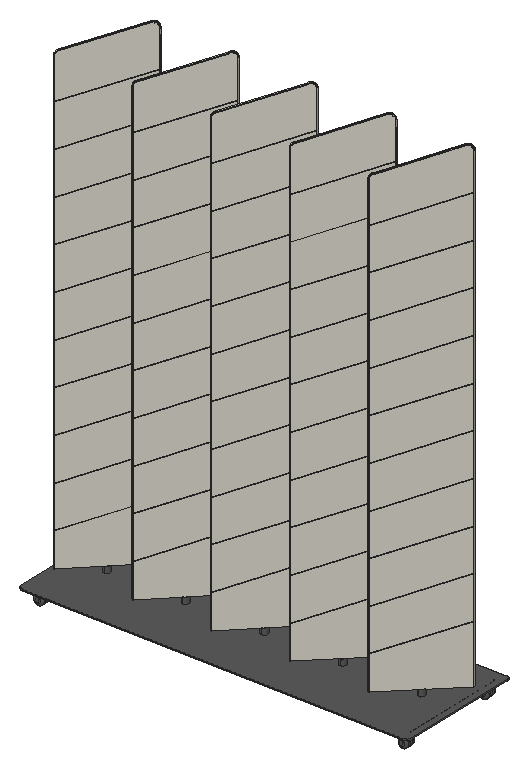
Revit family "Haworth_BuzziBlinds_Screen_Wedge", category Furniture, Revit 2018
Family settings
  OmniClass Number = 23.40.20.00
  OmniClass Title = General Furniture and Specialties
  Work Plane-Based = No
  Always vertical = Yes
  Cut with Voids When Loaded = No
  Shared = No
  Room Calculation Point = No
Parameters (values of type "HCBZ-BDW3-CFL - Large Screen - With Lines - With Casters")
  With Lines = yes
  Upholstery Finish [instance] = Haworth _ Fabric _ Buzzifelt _ Offwhite BFE-63
  Warranty = "http://www.haworth.com/resources/product-info/warranties"
  URL - Product = "https://www.haworth.com/products/architectural-interiors/acoustic-solutions/buzziblinds"
  URL = "http://www.haworth.com/our-brands/haworth-collection"
  Size = "Verify Final Dim. w/ Haworth"  # constant formula
  Screen Spacing = 11.811"  # constant formula
  Revision = "1"  # constant formula
  Model = "HCBZ-BD"  # constant formula
  Medium = no
  Manufacturer = "Haworth"  # constant formula
  Large = not(Medium)  # yes
  Description = "Haworth BuzziBlinds - Wedge Large Screen - With Lines - With Casters"
  Casters = yes
  Base Finish [instance] = Haworth _ Paint _ Collection Black
  Author = "Haworth (Alias)"  # constant formula
  Assembly Code = "E2020200"
  Actual Width = 58.660"  # constant formula
  Actual Height = if(Large, 72.830", 59.060")  # 72.830"
  Actual Depth = 19.290"  # constant formula
Types (9): name | With Lines | Medium | Large | Description | Casters | Actual Height
  (no name) | yes | no | yes | "Haworth BuzziBlinds - Wedge Large Screen - With Lines - With Casters" | yes | 72.830"
  HCBZ-BDW3-CFL - Large Screen - With Lines - With Casters | yes | no | yes | "Haworth BuzziBlinds - Wedge Large Screen - With Lines - With Casters" | yes | 72.830"
  HCBZ-BDW3-NFL - Large Screen - With Lines - Without Casters | yes | no | yes | "Haworth BuzziBlinds - Wedge Large Screen - With Lines - Without Casters" | no | 72.830"
  HCBZ-BDW3-CF - Large Screen - Without Lines - With Casters | no | no | yes | "Haworth BuzziBlinds - Wedge Large Screen - Without Lines - With Casters" | yes | 72.830"
  HCBZ-BDW3-N - Large Screen - Without Lines - Without Casters | no | no | yes | "Haworth BuzziBlinds - Wedge Large Screen - Without Lines - Without Casters" | no | 72.830"
  HCBZ-BDW2-N - Medium Screen - Without Lines - Without Casters | no | yes | no | "Haworth BuzziBlinds - Wedge Medium Screen - Without Lines - Without Casters" | no | 59.060"
  HCBZ-BDW2-CFL - Medium Screen - With Lines - With Casters | yes | yes | no | "Haworth BuzziBlinds - Wedge Medium Screen - With Lines - With Casters" | yes | 59.060"
  HCBZ-BDW2-CF - Medium Screen - Without Lines - With Casters | no | yes | no | "Haworth BuzziBlinds - Wedge Medium Screen - Without Lines - With Casters" | yes | 59.060"
  HCBZ-BDW2-NFL - Medium Screen - With Lines - Without Casters | yes | yes | no | "Haworth BuzziBlinds - Wedge Medium Screen - With Lines - Without Casters" | no | 59.060"
Reference planes (in)
  plane 1: z = 0
  plane 2 "Center Left/Right": x = 0
  plane 3 "Left": x = -29.33
  plane 4 "Right": x = 29.33
  plane 5 "Back": y = 6.80748
  plane 6 "Front": y = -12.48252
  plane 7 "Center FB": y = -2.83752
  plane 8: x = 11.811
  plane 9: x = 23.622
  plane 10: x = -11.811
  plane 11: x = -23.622
Dimensions and locks (in)
  equal spacing: plane 3 "Left", plane 2 "Center Left/Right", plane 4 "Right"
  "Actual Width": plane 3 "Left" to plane 4 "Right"
  "Actual Depth": plane 6 "Front" to plane 5 "Back"
  equal spacing: plane 5 "Back", plane 7 "Center FB", plane 6 "Front"
  "Screen Spacing": plane 11 to plane 10
  "Screen Spacing": plane 10 to plane 2 "Center Left/Right"
  "Screen Spacing": plane 2 "Center Left/Right" to plane 8
  "Screen Spacing": plane 8 to plane 9
  aligned and locked: plane 1 to nested 1
  aligned and locked: plane 7 "Center FB" to nested 1
  aligned and locked: plane 2 "Center Left/Right" to nested 1
  aligned and locked: plane 7 "Center FB" to nested 2
  aligned and locked: plane 7 "Center FB" to nested 3
  aligned and locked: plane 7 "Center FB" to nested 4
  aligned and locked: plane 7 "Center FB" to nested 5
  aligned and locked: plane 7 "Center FB" to nested 6
  aligned and locked: nested 2 to nested 1
  aligned and locked: nested 3 to nested 1
  aligned and locked: nested 4 to nested 1
  aligned and locked: nested 5 to nested 1
  aligned and locked: nested 6 to nested 1
  aligned and locked: nested 2 to plane 11
  aligned and locked: nested 3 to plane 10
  aligned and locked: plane 2 "Center Left/Right" to nested 4
  aligned and locked: plane 8 to nested 5
  aligned and locked: plane 9 to nested 6
Nested families (in)
  nested 1: "Haworth_BuzziBlinds_StraightBase_PART" at (0, 0, 0), type "Straight Base"
  nested 2: "Haworth_BuzziBlinds_WedgeScreen_Part" at (-23.622, 0, 0), type "Screen"
  nested 3: "Haworth_BuzziBlinds_WedgeScreen_Part" at (-11.811, 0, 0), type "Screen"
  nested 4: "Haworth_BuzziBlinds_WedgeScreen_Part" at (0, 0, 0), type "Screen"
  nested 5: "Haworth_BuzziBlinds_WedgeScreen_Part" at (11.811, 0, 0), type "Screen"
  nested 6: "Haworth_BuzziBlinds_WedgeScreen_Part" at (23.622, 0, 0), type "Screen"
Definition of nested family "Haworth_BuzziBlinds_StraightBase_PART"
  Parameters (values of type "Straight Base")
    Warranty = "http://www.haworth.com/resources/product-info/warranties"
    URL - Product = "https://www.haworth.com/products/architectural-interiors/acoustic-solutions/buzziblinds"
    URL = "http://www.haworth.com/our-brands/haworth-collection"
    Size = "Verify Final Dim. w/ Haworth"  # constant formula
    Revision = "1"  # constant formula
    Model = "HCBZ-BD"  # constant formula
    Manufacturer = "Haworth"  # constant formula
    Description = "Haworth - BuzziBlinds - Base Part"
    Casters = yes
    Caster Finish = none
    Base Offset = if(Casters, 1.430", 0.000")  # 1.430"
    Base Finish = none
    Author = "Haworth (Alias)"  # constant formula
    Assembly Code = "E2020200"
    Arc Radius = 0.750"  # constant formula
    Actual Width = 58.660"
    Actual Depth = 19.290"
  Reference planes (in)
    plane 1: z = 0
    plane 2 "Center Left/Right": x = 0
    plane 3 "Left": x = -29.33
    plane 4 "Right": x = 29.33
    plane 5 "Back": y = 6.80748
    plane 6 "Front": y = -12.48252
    plane 7 "Center FB": y = -2.83752
    plane 8: x = 28.1425
    plane 9: x = -28.1425
    plane 10: z = 1.43
    plane 11 "Middle Base": z = 2.244
    plane 12 "Top Base": z = 2.36211
    plane 13 "Caster Front": y = -10.38976
    plane 14 "Caster Back": y = 4.71473
    plane 15 "Caster Right": x = -27.36243
    plane 16 "Caster Left": x = 27.36243
  Forms (in)
    Extrusion 1, solid, material <- "Base Finish"
      sketch origin (0, 0, 0) x (1, 0, 0) y (0, 1, 0)
        loop
          arc (-28.58, 6.80748) -> (-29.11033, 6.58781) -> (-29.33, 6.05748) r 0.75
          line (-29.33, 6.05748) -> (-29.33, -11.73252)
          arc (-29.33, -11.73252) -> (-29.11033, -12.26285) -> (-28.58, -12.48252) r 0.75
          line (-28.58, -12.48252) -> (28.58, -12.48252)
          arc (28.58, -12.48252) -> (29.11033, -12.26285) -> (29.33, -11.73252) r 0.75
          line (29.33, -11.73252) -> (29.33, 6.05748)
          arc (29.33, 6.05748) -> (29.11033, 6.58781) -> (28.58, 6.80748) r 0.75
          line (28.58, 6.80748) -> (-28.58, 6.80748)
      from 2.244 to 2.36211
    Extrusion 2, solid, material <- "Base Finish"
      sketch origin (0, 0, 8.6974) x (0, -1, 0) y (1, 0, 0)
        loop
          line (-5.62705, 27.3925) -> (-5.62705, -27.3925)
          arc (-5.62705, -27.3925) -> (-5.40738, -27.92283) -> (-4.87705, -28.1425) r 0.75
          line (-4.87705, -28.1425) -> (10.55208, -28.1425)
          arc (10.55208, -28.1425) -> (11.08241, -27.92283) -> (11.30208, -27.3925) r 0.75
          line (11.30208, -27.3925) -> (11.30208, 27.3925)
          arc (11.30208, 27.3925) -> (11.08241, 27.92283) -> (10.55208, 28.1425) r 0.75
          line (10.55208, 28.1425) -> (-4.87705, 28.1425)
          arc (-4.87705, 28.1425) -> (-5.40738, 27.92283) -> (-5.62705, 27.3925) r 0.75
      from -7.2674 to -6.4534
  Lines and regions (in)
    Masking region 1
      outline origin (0, 0, 8.6974) x (0, -1, 0) y (1, 0, 0)
        loop
          arc (-6.80748, -28.58) -> (-6.58781, -29.11033) -> (-6.05748, -29.33) r 0.75
          line (-6.05748, -29.33) -> (11.73252, -29.33)
          arc (11.73252, -29.33) -> (12.26285, -29.11033) -> (12.48252, -28.58) r 0.75
          line (12.48252, -28.58) -> (12.48252, 28.58)
          arc (12.48252, 28.58) -> (12.26285, 29.11033) -> (11.73252, 29.33) r 0.75
          line (11.73252, 29.33) -> (-6.05748, 29.33)
          arc (-6.05748, 29.33) -> (-6.58781, 29.11033) -> (-6.80748, 28.58) r 0.75
          line (-6.80748, 28.58) -> (-6.80748, -28.58)
  Dimensions and locks (in)
    equal spacing: plane 3 "Left", plane 2 "Center Left/Right", plane 4 "Right"
    "Actual Width": plane 3 "Left" to plane 4 "Right"
    "Actual Depth": plane 6 "Front" to plane 5 "Back"
    equal spacing: plane 5 "Back", plane 7 "Center FB", plane 6 "Front"
    locked: plane 9 to plane 3 "Left" at 1.1875
    locked: plane 8 to plane 4 "Right" at 1.1875
    locked: plane 5 "Back" to Extrusion 2 sketch curve at 1.18043
    locked: plane 6 "Front" to Extrusion 2 sketch curve at 1.18043
    locked: plane 3 "Left" to plane 15 "Caster Right" at 1.96757
    locked: plane 16 "Caster Left" to plane 4 "Right" at 1.96757
    locked: plane 14 "Caster Back" to plane 5 "Back" at 2.09276
    locked: plane 13 "Caster Front" to plane 6 "Front" at 2.09276
    locked: plane 12 "Top Base" to plane 11 "Middle Base" at 0.11811
    locked: plane 11 "Middle Base" to plane 10 at 0.814
    "Base Offset": plane 10 to plane 1
    "Arc Radius": radius of Extrusion 1 sketch curve  (x4)
    "Arc Radius": radius of Extrusion 2 sketch curve  (x4)
    aligned and locked: Extrusion 1 sketch curve to plane 5 "Back"
    aligned and locked: Extrusion 1 sketch curve to plane 6 "Front"
    aligned and locked: plane 4 "Right" to Extrusion 1 sketch curve
    aligned and locked: plane 3 "Left" to Extrusion 1 sketch curve
    aligned and locked: plane 12 "Top Base" to Extrusion 1
    aligned and locked: Extrusion 1 to plane 11 "Middle Base"
    aligned and locked: Extrusion 2 sketch curve to plane 9
    aligned and locked: Extrusion 2 sketch curve to plane 8
    aligned and locked: Extrusion 2 to plane 10
    aligned and locked: plane 11 "Middle Base" to Extrusion 2
    aligned and locked: nested 1 to plane 13 "Caster Front"
    aligned and locked: plane 15 "Caster Right" to nested 1
    aligned and locked: plane 14 "Caster Back" to nested 2
    aligned and locked: plane 15 "Caster Right" to nested 2
    aligned and locked: plane 14 "Caster Back" to nested 3
    aligned and locked: nested 3 to plane 16 "Caster Left"
    aligned and locked: nested 4 to plane 13 "Caster Front"
    aligned and locked: nested 4 to plane 16 "Caster Left"
    aligned and locked: plane 1 to nested 1
    aligned and locked: plane 1 to nested 2
    aligned and locked: plane 1 to nested 4
    aligned and locked: plane 1 to nested 3
    aligned and locked: Masking region 1 sketch curve to plane 6 "Front"
    aligned and locked: Masking region 1 sketch curve to plane 5 "Back"
    aligned and locked: plane 3 "Left" to Masking region 1 sketch curve
    aligned and locked: plane 4 "Right" to Masking region 1 sketch curve
  Automatic sketch dimensions
    Masking region 1 sketch curve to plane 8 = 0.4375"
    Masking region 1 sketch curve to plane 5 "Back" = 0.750"
    Masking region 1 sketch curve to plane 6 "Front" = 0.750"  (x2)
  Nested families (in)
    nested 1: "Haworth_BuzziBlinds_Casters_PART" at (-27.36243, -10.38976, 0), visible <- "Casters", type "Casters"
    nested 2: "Haworth_BuzziBlinds_Casters_PART" at (-27.36243, 4.71473, 0), visible <- "Casters", type "Casters"
    nested 3: "Haworth_BuzziBlinds_Casters_PART" at (27.36243, 4.71473, 0), visible <- "Casters", type "Casters"
    nested 4: "Haworth_BuzziBlinds_Casters_PART" at (27.36243, -10.38976, 0), visible <- "Casters", type "Casters"
  Definition of nested family "Haworth_BuzziBlinds_Casters_PART"
    Parameters (values of type "Casters")
      Warranty = "http://www.haworth.com/product-info/warranties"
      Version = "1"  # constant formula
      URL - Product = "https://www.haworth.com/products/architectural-interiors/acoustic-solutions/buzziblinds"
      URL = "http://www.haworth.com/our-brands/haworth-collection"
      Size = "Verify Final Dim. w/ Haworth"  # constant formula
      Model = "HCBZ-BD"  # constant formula
      Manufacturer = "Haworth"  # constant formula
      Description = "Haworth BuzziBlinds - Casters Part"
      Caster Finish = none
      Author = "Haworth (Alias)"  # constant formula
      Assembly Code = "E2020200"
    Reference planes (in)
      plane 1 "Center Front/Back": y = 0
      plane 2 "Bottom": z = 0
      plane 3 "Center Left/Right": x = 0
      plane 4: z = 1.77165
    Forms (in)
      Revolve 1, solid, material <- "Caster Finish"
        sketch origin (0, 0, 0) x (0, 1, 0) y (0, 0, 1)
          loop
            line (-0.74803, 0.70866) -> (0.74803, 0.70866) -> (0.74803, 1.16732)
            arc (0.74803, 1.16732) -> (0.67481, 1.3441) -> (0.49803, 1.41732) r 0.25
            line (0.49803, 1.41732) -> (0.27559, 1.41732) -> (0.27559, 0.98425) -> (-0.27559, 0.98425) -> (-0.27559, 1.41732) -> (-0.49803, 1.41732)
            arc (-0.49803, 1.41732) -> (-0.67481, 1.3441) -> (-0.74803, 1.16732) r 0.25
            line (-0.74803, 1.16732) -> (-0.74803, 0.70866)
          axis (-0.74803, 0.70866) -> (0.74803, 0.70866)
        angle from 0 to 360
      Revolve 2, solid, material <- "Caster Finish"
        sketch origin (0, 0, 0) x (0, 1, 0) y (0, 0, 1)
          loop
            line (0, 1.77165) -> (0, 0.82558) -> (0.10753, 0.82558) -> (0.10753, 1.77165) -> (0, 1.77165)
          axis (0, 1.77165) -> (0, 0.82558)
        angle from 0 to 360
    Lines and regions (in)
      Masking region 1
        outline origin (0, 0, 0) x (1, 0, 0) y (0, 1, 0)
          loop
            line (-0.27559, -0.27559) -> (-0.70866, -0.27559) -> (-0.70866, -0.49803)
            arc (-0.70866, -0.49803) -> (-0.63544, -0.67481) -> (-0.45866, -0.74803) r 0.25
            line (-0.45866, -0.74803) -> (0.45866, -0.74803)
            arc (0.45866, -0.74803) -> (0.63544, -0.67481) -> (0.70866, -0.49803) r 0.25
            line (0.70866, -0.49803) -> (0.70866, -0.27559) -> (0.27559, -0.27559) -> (0.27559, 0.27559) -> (0.70866, 0.27559) -> (0.70866, 0.49803)
            arc (0.70866, 0.49803) -> (0.63544, 0.67481) -> (0.45866, 0.74803) r 0.25
            line (0.45866, 0.74803) -> (-0.45866, 0.74803)
            arc (-0.45866, 0.74803) -> (-0.63544, 0.67481) -> (-0.70866, 0.49803) r 0.25
            line (-0.70866, 0.49803) -> (-0.70866, 0.27559) -> (-0.27559, 0.27559) -> (-0.27559, -0.27559)
    Dimensions and locks (in)
      locked: plane 4 to plane 2 "Bottom" at 1.77165
      aligned and locked: level to plane 2 "Bottom"
Definition of nested family "Haworth_BuzziBlinds_WedgeScreen_Part"
  Parameters (values of type "Screen")
    With Lines = yes
    Upholstery Finish = none
    Warranty = "http://www.haworth.com/resources/product-info/warranties"
    URL - Product = "https://www.haworth.com/products/architectural-interiors/acoustic-solutions/buzziblinds"
    URL = "http://www.haworth.com/our-brands/haworth-collection"
    Size = "Verify Final Dim. w/ Haworth"  # constant formula
    Revision = "1"  # constant formula
    Model = "HCBZ-BD"  # constant formula
    Medium = yes
    Manufacturer = "Haworth"  # constant formula
    Large = yes
    Description = "Haworth - BuzziBlinds - Screen Part"
    Base Finish = none
    Author = "Haworth (Alias)"  # constant formula
    Assembly Code = "E2020200"
    Actual Height = if(Large, 72.830", 59.060")  # 72.830"
  Reference planes (in)
    plane 1: z = 0
    plane 2 "Center Left/Right": x = 0
    plane 3 "Center FB": y = -2.83752
    plane 4 "Screen Bottom": z = 2.36211
    plane 5 "Screen Top": z = 76.0085
    plane 6: z = 3.1785
    plane 7 "Middle Screen": through (4.37098, 1.53289, 48) normal (0.7071, -0.7071, 0)
  Dimensions and locks (in)
    locked: plane 6 to plane 4 "Screen Bottom" at 0.81639
    "Actual Height": plane 5 "Screen Top" to plane 6
    aligned and locked: plane 3 "Center FB" to nested 1
    aligned and locked: plane 3 "Center FB" to nested 2
    aligned and locked: plane 2 "Center Left/Right" to nested 1
    aligned and locked: plane 2 "Center Left/Right" to nested 2
  Nested families (in)
    nested 1: "Haworth_BuzziBlinds_WedgeScreen_Large_Part" at (0, 0, 0), visible <- "Large", type "Screen"
    nested 2: "Haworth_BuzziBlinds_WedgeScreen_Medium_Part" at (0, 0, 0), visible <- "Medium", type "Screen"
  Definition of nested family "Haworth_BuzziBlinds_WedgeScreen_Large_Part"
    Parameters (values of type "Screen")
      With Lines = yes
      Upholstery Finish = none
      Warranty = "http://www.haworth.com/resources/product-info/warranties"
      URL - Product = "https://www.haworth.com/products/architectural-interiors/acoustic-solutions/buzziblinds"
      URL = "http://www.haworth.com/our-brands/haworth-collection"
      Size = "Verify Final Dim. w/ Haworth"  # constant formula
      Revision = "1"  # constant formula
      Model = "HCBZ-BD"  # constant formula
      Manufacturer = "Haworth"  # constant formula
      Large Line Dimension = if(With Lines, 1.100", 0.500")  # 1.100"
      Description = "Haworth - BuzziBlinds - Screen Part"
      Base Finish = none
      Author = "Haworth (Alias)"  # constant formula
      Assembly Code = "E2020200"
      Actual Height = 72.830"  # constant formula
    Reference planes (in)
      plane 1: z = 0
      plane 2 "Center Left/Right": x = 0
      plane 3 "Center FB": y = -2.83752
      plane 4 "Screen Bottom": z = 2.36211
      plane 5 "Screen Top": z = 76.0085
      plane 6: z = 3.1785
      plane 7 "Middle Screen": through (4.37098, 1.53289, 48) normal (0.7071, -0.7071, 0)
      plane 8 "Void 1 Start": through (-4.42183, -9.02799, 48) normal (-0.7071, 0.7071, 0)
      plane 9 "Large Void 1 End": through (-4.44014, -7.49067, 48) normal (-0.7071, 0.7071, 0)
      plane 10 "Void 2 Start": through (-6.1899, -7.25993, 48) normal (-0.7071, 0.7071, 0)
      plane 11 "Large Void 2 End": through (-4.65257, -7.27824, 48) normal (-0.7071, 0.7071, 0)
    Forms (in)
      Revolve 1, solid, material <- "Base Finish"
        sketch origin (0, 0, 0) x (0, 1, 0) y (0, 0, 1)
          loop
            line (-2.83752, 3.1785) -> (-2.83752, 2.36211) -> (-2.34547, 2.36211) -> (-2.34547, 3.1785) -> (-2.83752, 3.1785)
          axis (-2.83752, 3.1785) -> (-2.83752, 2.36211)
        angle from 0 to 360
      Blend 2, solid, material <- "Upholstery Finish"
        base sketch origin (0, 0, 0) x (1, 0, 0) y (0, 1, 0)
          loop
            line (4.3739, 1.53368) -> (-4.3685, -7.20505)
            arc (-4.3685, -7.20505) -> (-4.36853, -7.3729) -> (-4.20068, -7.37291) r 0.11868
            line (-4.20068, -7.37291) -> (4.53981, 1.36771)
            arc (4.53981, 1.36771) -> (4.53781, 1.53162) -> (4.3739, 1.53368) r 0.11737
        top sketch origin (0, 0, 0) x (1, 0, 0) y (0, 1, 0)
          loop
            line (4.3739, 1.53368) -> (-4.3685, -7.20505)
            arc (-4.3685, -7.20505) -> (-4.36853, -7.3729) -> (-4.20068, -7.37291) r 0.11868
            line (-4.20068, -7.37291) -> (4.53981, 1.36771)
            arc (4.53981, 1.36771) -> (4.53781, 1.53162) -> (4.3739, 1.53368) r 0.11737
        from 3.1785 to 76.0085
      Extrusion 3, void
        sketch origin (1.41905, -1.41905, 0) x (0.707107, 0.707107, 0) y (0, 0, 1)
          loop
            line (4.5511, 69.81232) -> (-8.57435, 65.96929) -> (-8.57435, 65.838) -> (4.5511, 69.68103) -> (4.5511, 69.81232)
          loop
            line (4.5511, 56.99379) -> (-8.57435, 53.15316) -> (-8.57435, 53.02187) -> (4.5511, 56.8625) -> (4.5511, 56.99379)
          loop
            line (4.5511, 50.58561) -> (-8.57435, 46.73424) -> (-8.57435, 46.60293) -> (4.5511, 50.4543) -> (4.5511, 50.58561)
          loop
            line (4.5511, 44.17121) -> (-8.57435, 40.32846) -> (-8.57435, 40.19717) -> (4.5511, 44.03992) -> (4.5511, 44.17121)
          loop
            line (4.5511, 37.76565) -> (-8.57435, 33.91886) -> (-8.57435, 33.78756) -> (4.5511, 37.63435) -> (4.5511, 37.76565)
          loop
            line (4.5511, 31.3506) -> (-8.57435, 27.50805) -> (-8.57435, 27.37676) -> (4.5511, 31.21931) -> (4.5511, 31.3506)
          loop
            line (4.5511, 24.94569) -> (-8.57435, 21.0978) -> (-8.57435, 20.9665) -> (4.5511, 24.81439) -> (4.5511, 24.94569)
          loop
            line (4.5511, 18.53059) -> (-8.57435, 14.68672) -> (-8.57435, 14.55543) -> (4.5511, 18.3993) -> (4.5511, 18.53059)
          loop
            line (4.5511, 12.12636) -> (-8.57435, 8.27499) -> (-8.57435, 8.14368) -> (4.5511, 11.99505) -> (4.5511, 12.12636)
          loop
            line (4.53339, 63.2691) -> (4.53339, 63.40039) -> (-8.57435, 59.56096) -> (-8.57435, 59.42967) -> (4.53339, 63.2691)
        from 0.15021 to 1.25021
      Blend 4, solid, material <- "Upholstery Finish"
        base sketch origin (2.8381, -2.8381, 0) x (0, 1, 0) y (-1, 0, 0)
          loop
            arc (4.3739, -1.53368) -> (4.53781, -1.53162) -> (4.53981, -1.36771) r 0.11737
            line (4.53981, -1.36771) -> (-4.20068, 7.37291)
            arc (-4.20068, 7.37291) -> (-4.36853, 7.3729) -> (-4.3685, 7.20505) r 0.11868
            line (-4.3685, 7.20505) -> (4.3739, -1.53368)
        top sketch origin (2.8381, -2.8381, 0) x (0, 1, 0) y (-1, 0, 0)
          loop
            arc (4.3739, -1.53368) -> (4.53781, -1.53162) -> (4.53981, -1.36771) r 0.11737
            line (4.53981, -1.36771) -> (-4.20068, 7.37291)
            arc (-4.20068, 7.37291) -> (-4.36853, 7.3729) -> (-4.3685, 7.20505) r 0.11868
            line (-4.3685, 7.20505) -> (4.3739, -1.53368)
        from 3.1785 to 76.0085
      Extrusion 5, void
        sketch origin (1.41905, -1.41905, 0) x (0.707107, 0.707107, 0) y (0, 0, 1)
          loop
            line (5.20635, 77.06833) -> (-9.22105, 77.06833) -> (-9.22105, 66.35278) -> (-8.31361, 66.35278) -> (-8.31361, 71.92018)
            arc (-8.31361, 71.92018) -> (-8.13389, 72.45981) -> (-7.6665, 72.78392) r 0.9
            line (-7.6665, 72.78392) -> (3.14325, 75.94883)
            arc (3.14325, 75.94883) -> (3.93546, 75.80543) -> (4.29569, 75.08543) r 0.89965
            line (4.29569, 75.08543) -> (4.29569, 66.35278) -> (5.20635, 66.35278) -> (5.20635, 77.06833)
        from -1.5 to 1.5
      Extrusion 6, void
        sketch origin (1.41905, -1.41905, 0) x (0.707107, 0.707107, 0) y (0, 0, -1)
          loop
            line (4.5511, -69.81232) -> (4.5511, -69.68103) -> (-8.57435, -65.838) -> (-8.57435, -65.96929) -> (4.5511, -69.81232)
          loop
            line (4.5511, -56.99379) -> (4.5511, -56.8625) -> (-8.57435, -53.02187) -> (-8.57435, -53.15316) -> (4.5511, -56.99379)
          loop
            line (4.5511, -50.58561) -> (4.5511, -50.4543) -> (-8.57435, -46.60293) -> (-8.57435, -46.73424) -> (4.5511, -50.58561)
          loop
            line (4.5511, -44.17121) -> (4.5511, -44.03992) -> (-8.57435, -40.19717) -> (-8.57435, -40.32846) -> (4.5511, -44.17121)
          loop
            line (4.5511, -37.76565) -> (4.5511, -37.63435) -> (-8.57435, -33.78756) -> (-8.57435, -33.91886) -> (4.5511, -37.76565)
          loop
            line (4.5511, -31.3506) -> (4.5511, -31.21931) -> (-8.57435, -27.37676) -> (-8.57435, -27.50805) -> (4.5511, -31.3506)
          loop
            line (4.5511, -24.94569) -> (4.5511, -24.81439) -> (-8.57435, -20.9665) -> (-8.57435, -21.0978) -> (4.5511, -24.94569)
          loop
            line (4.5511, -18.53059) -> (4.5511, -18.3993) -> (-8.57435, -14.55543) -> (-8.57435, -14.68672) -> (4.5511, -18.53059)
          loop
            line (4.5511, -12.12636) -> (4.5511, -11.99505) -> (-8.57435, -8.14368) -> (-8.57435, -8.27499) -> (4.5511, -12.12636)
          loop
            line (4.53339, -63.2691) -> (-8.57435, -59.42967) -> (-8.57435, -59.56096) -> (4.53339, -63.40039) -> (4.53339, -63.2691)
        from 0.15021 to 1.25021
    Cuts and joins
      Extrusion 3, Extrusion 5, Extrusion 6 cuts Blend 2
      Extrusion 5, Extrusion 6 cuts Blend 4
    Lines and regions (in)
      Masking region 1
        outline origin (0, 0, 8.6974) x (0, -1, 0) y (1, 0, 0)
          loop
            arc (-1.53164, 4.37181) -> (-1.53265, 4.53677) -> (-1.36771, 4.53981) r 0.11737
            line (-1.36771, 4.53981) -> (7.37291, -4.20068)
            arc (7.37291, -4.20068) -> (7.37842, -4.36263) -> (7.21721, -4.37912) r 0.11868
            arc (7.21721, -4.37912) -> (7.20073, -4.54032) -> (7.03878, -4.53481) r 0.11868
            line (7.03878, -4.53481) -> (-1.70171, 4.20581)
            arc (-1.70171, 4.20581) -> (-1.69867, 4.37075) -> (-1.53371, 4.36974) r 0.11737
    Dimensions and locks (in)
      locked: plane 6 to plane 4 "Screen Bottom" at 0.81639
      "Actual Height": plane 5 "Screen Top" to plane 6
      "Large Line Dimension": plane 9 "Large Void 1 End" to plane 8 "Void 1 Start"
      "Large Line Dimension": plane 11 "Large Void 2 End" to plane 10 "Void 2 Start"
      aligned and locked: Blend 2 to plane 6
      aligned and locked: plane 5 "Screen Top" to Blend 2
      aligned and locked: Extrusion 3 to plane 8 "Void 1 Start"
      aligned and locked: plane 9 "Large Void 1 End" to Extrusion 3
      aligned and locked: Extrusion 6 to plane 10 "Void 2 Start"
      aligned and locked: plane 11 "Large Void 2 End" to Extrusion 6
    Automatic sketch dimensions
      Revolve 1 sketch curve to plane 3 "Center FB" = 0.000"  (x2)
      Revolve 1 sketch curve to plane 6 = 0.000"
      plane 4 "Screen Bottom" to Revolve 1 sketch curve = 0.000"
      Revolve 1 sketch curve to plane 3 "Center FB" = 0.49205"
      plane 4 "Screen Bottom" to Revolve 1 sketch curve = 0.93211"
      plane 6 to Revolve 1 sketch curve = 0.29688"
      Blend 2 sketch curve to plane 2 "Center Left/Right" = 4.3685"  (x2)
      Blend 2 sketch curve to Blend 2 sketch curve = 0.0839"  (x2)
      Blend 2 sketch curve to Blend 2 sketch curve = 0.08392"  (x4)
      plane 2 "Center Left/Right" to Blend 2 sketch curve = 4.3739"  (x2)
      Blend 2 sketch curve to Blend 2 sketch curve = 0.0809"  (x2)
      Blend 2 sketch curve to Blend 2 sketch curve = 0.08501"  (x2)
      plane 3 "Center FB" to Blend 2 sketch curve = 4.5354"  (x2)
      Blend 2 sketch curve to plane 3 "Center FB" = 4.20522"  (x2)
      Blend 2 sketch curve to Blend 2 sketch curve = 0.08093"  (x2)
      plane 7 "Middle Screen" to Masking region 1 sketch curve = 0.000"
      Masking region 1 sketch curve to plane 3 "Center FB" = 4.53922"
      Masking region 1 sketch curve to Masking region 1 sketch curve = 0.08501"  (x2)
      Masking region 1 sketch curve to Masking region 1 sketch curve = 0.16806"  (x2)
      Masking region 1 sketch curve to Masking region 1 sketch curve = 0.08093"  (x2)
      plane 3 "Center FB" to Masking region 1 sketch curve = 4.20126"
      Masking region 1 sketch curve to Masking region 1 sketch curve = 0.08392"  (x3)
      Masking region 1 sketch curve to Masking region 1 sketch curve = 0.16629"
      Masking region 1 sketch curve to plane 2 "Center Left/Right" = 4.53481"
      Masking region 1 sketch curve to Masking region 1 sketch curve = 0.09452"
      plane 2 "Center Left/Right" to Masking region 1 sketch curve = 4.20581"
      Masking region 1 sketch curve to Masking region 1 sketch curve = 0.08299"
      Masking region 1 sketch curve to Masking region 1 sketch curve = 0.00207"
      Extrusion 3 sketch curve to plane 5 "Screen Top" = 10.1705"
      Extrusion 3 sketch curve to Extrusion 3 sketch curve = 0.000"  (x15)
      Extrusion 3 sketch curve to plane 5 "Screen Top" = 12.60811"
      Extrusion 3 sketch curve to Extrusion 3 sketch curve = 13.10774"
      plane 6 to Extrusion 3 sketch curve = 34.58715"
      Extrusion 3 sketch curve to Extrusion 3 sketch curve = 13.12545"
      plane 6 to Extrusion 3 sketch curve = 28.0408"
      plane 6 to Extrusion 3 sketch curve = 21.63589"
      Extrusion 3 sketch curve to plane 5 "Screen Top" = 31.96859"
      Extrusion 3 sketch curve to plane 5 "Screen Top" = 25.42289"
      plane 6 to Extrusion 3 sketch curve = 15.22079"
      Extrusion 3 sketch curve to plane 5 "Screen Top" = 19.01472"
      Extrusion 3 sketch curve to Extrusion 3 sketch curve = 0.01771"  (x2)
      plane 6 to Extrusion 3 sketch curve = 8.81655"
      Extrusion 3 sketch curve to plane 5 "Screen Top" = 6.32748"
      plane 6 to Extrusion 3 sketch curve = 5.09649"
      Extrusion 3 sketch curve to Extrusion 3 sketch curve = 0.13131"  (x4)
      Extrusion 3 sketch curve to Extrusion 3 sketch curve = 6.28044"
      Extrusion 3 sketch curve to Extrusion 3 sketch curve = 0.13129"  (x10)
      Extrusion 3 sketch curve to Extrusion 3 sketch curve = 6.27978"
      Extrusion 3 sketch curve to Extrusion 3 sketch curve = 0.1313"  (x4)
      Extrusion 3 sketch curve to Extrusion 3 sketch curve = 6.27896"
      Extrusion 3 sketch curve to Extrusion 3 sketch curve = 6.27951"
      Extrusion 3 sketch curve to Extrusion 3 sketch curve = 6.27832"
      Extrusion 3 sketch curve to Extrusion 3 sketch curve = 6.27447"
      Extrusion 3 sketch curve to Extrusion 3 sketch curve = 6.28763"
      Extrusion 3 sketch curve to Extrusion 3 sketch curve = 0.13128"  (x2)
      Extrusion 3 sketch curve to Extrusion 3 sketch curve = 6.27651"
      Blend 4 sketch curve to plane 3 "Center FB" = 4.36909"  (x2)
      Blend 4 sketch curve to Blend 4 sketch curve = 0.0839"  (x2)
      Blend 4 sketch curve to Blend 4 sketch curve = 0.08392"  (x4)
      plane 3 "Center FB" to Blend 4 sketch curve = 4.37332"  (x2)
      Blend 4 sketch curve to Blend 4 sketch curve = 0.0809"  (x2)
      Blend 4 sketch curve to Blend 4 sketch curve = 0.08501"  (x2)
      plane 2 "Center Left/Right" to Blend 4 sketch curve = 4.53481"  (x2)
      Blend 4 sketch curve to plane 2 "Center Left/Right" = 4.20581"  (x2)
      Blend 4 sketch curve to Blend 4 sketch curve = 0.08093"  (x2)
      plane 5 "Screen Top" to Extrusion 5 sketch curve = 1.05982"
      Extrusion 5 sketch curve to Extrusion 5 sketch curve = 0.90744"
      Extrusion 5 sketch curve to plane 5 "Screen Top" = 3.22458"
      Extrusion 5 sketch curve to Extrusion 5 sketch curve = 0.64711"
      Extrusion 5 sketch curve to Extrusion 5 sketch curve = 0.900"
      Extrusion 5 sketch curve to plane 5 "Screen Top" = 0.05967"
      Extrusion 5 sketch curve to Extrusion 5 sketch curve = 10.80975"
      Extrusion 5 sketch curve to Extrusion 5 sketch curve = 0.25279"
      Extrusion 5 sketch curve to Extrusion 5 sketch curve = 0.89965"
      Extrusion 5 sketch curve to Extrusion 5 sketch curve = 0.91066"
      Extrusion 5 sketch curve to Extrusion 5 sketch curve = 8.73265"
      Extrusion 5 sketch curve to Extrusion 5 sketch curve = 5.5674"
      Extrusion 6 sketch curve to plane 5 "Screen Top" = 10.1705"
      Extrusion 6 sketch curve to Extrusion 6 sketch curve = 0.000"  (x15)
      Extrusion 6 sketch curve to plane 5 "Screen Top" = 12.60811"
      Extrusion 6 sketch curve to Extrusion 6 sketch curve = 13.10774"
      plane 6 to Extrusion 6 sketch curve = 34.58715"
      Extrusion 6 sketch curve to Extrusion 6 sketch curve = 13.12545"
      plane 6 to Extrusion 6 sketch curve = 28.0408"
      plane 6 to Extrusion 6 sketch curve = 21.63589"
      Extrusion 6 sketch curve to plane 5 "Screen Top" = 31.96859"
      Extrusion 6 sketch curve to plane 5 "Screen Top" = 25.42289"
      plane 6 to Extrusion 6 sketch curve = 15.22079"
      Extrusion 6 sketch curve to plane 5 "Screen Top" = 19.01472"
      Extrusion 6 sketch curve to Extrusion 6 sketch curve = 0.01771"  (x2)
      plane 6 to Extrusion 6 sketch curve = 8.81655"
      Extrusion 6 sketch curve to plane 5 "Screen Top" = 6.32748"
      Extrusion 6 sketch curve to Extrusion 6 sketch curve = 0.13129"  (x10)
      Extrusion 6 sketch curve to Extrusion 6 sketch curve = 6.27704"
      Extrusion 6 sketch curve to Extrusion 6 sketch curve = 0.13128"  (x2)
      Extrusion 6 sketch curve to Extrusion 6 sketch curve = 6.27651"
      Extrusion 6 sketch curve to Extrusion 6 sketch curve = 0.13131"  (x4)
      Extrusion 6 sketch curve to Extrusion 6 sketch curve = 6.28763"
      Extrusion 6 sketch curve to Extrusion 6 sketch curve = 6.27447"
      Extrusion 6 sketch curve to Extrusion 6 sketch curve = 0.1313"  (x4)
      Extrusion 6 sketch curve to Extrusion 6 sketch curve = 6.27832"
      Extrusion 6 sketch curve to Extrusion 6 sketch curve = 6.27951"
      Extrusion 6 sketch curve to Extrusion 6 sketch curve = 6.27896"
      Extrusion 6 sketch curve to Extrusion 6 sketch curve = 6.27978"
      plane 6 to Extrusion 6 sketch curve = 5.09649"
  Definition of nested family "Haworth_BuzziBlinds_WedgeScreen_Medium_Part"
    Parameters (values of type "Screen")
      With Lines = yes
      Upholstery Finish = none
      Warranty = "http://www.haworth.com/resources/product-info/warranties"
      URL - Product = "https://www.haworth.com/products/architectural-interiors/acoustic-solutions/buzziblinds"
      URL = "http://www.haworth.com/our-brands/haworth-collection"
      Size = "Verify Final Dim. w/ Haworth"  # constant formula
      Revision = "1"  # constant formula
      Model = "HCBZ-BD"  # constant formula
      Medium Line Dimension = if(With Lines, 1.100", 0.500")  # 1.100"
      Manufacturer = "Haworth"  # constant formula
      Description = "Haworth - BuzziBlinds - Screen Part"
      Base Finish = none
      Author = "Haworth (Alias)"  # constant formula
      Assembly Code = "E2020200"
      Actual Height = 59.060"  # constant formula
    Reference planes (in)
      plane 1: z = 0
      plane 2 "Center Left/Right": x = 0
      plane 3 "Center FB": y = -2.83752
      plane 4 "Screen Bottom": z = 2.36211
      plane 5 "Screen Top": z = 62.2385
      plane 6: z = 3.1785
      plane 7 "Middle Screen": through (4.37098, 1.53289, 48) normal (0.7071, -0.7071, 0)
      plane 8 "Void 1 Start": through (-4.42183, -9.02799, 48) normal (-0.7071, 0.7071, 0)
      plane 9 "Void 2 Start": through (-6.1899, -7.25993, 48) normal (-0.7071, 0.7071, 0)
      plane 10 "Medium Void 1 End": through (-5.19965, -8.25018, 48) normal (-0.7071, 0.7071, 0)
      plane 11 "Medium Void 2 End": through (5.48203, 2.85636, 48) normal (0.7071, -0.7071, 0)
    Forms (in)
      Revolve 1, solid, material <- "Base Finish"
        sketch origin (0, 0, 0) x (0, 1, 0) y (0, 0, 1)
          loop
            line (-2.83752, 3.1785) -> (-2.83752, 2.36211) -> (-2.34547, 2.36211) -> (-2.34547, 3.1785) -> (-2.83752, 3.1785)
          axis (-2.83752, 3.1785) -> (-2.83752, 2.36211)
        angle from 0 to 360
      Blend 2, solid, material <- "Upholstery Finish"
        base sketch origin (0, 0, 0) x (1, 0, 0) y (0, 1, 0)
          loop
            line (4.3739, 1.53368) -> (-4.3685, -7.20505)
            arc (-4.3685, -7.20505) -> (-4.36853, -7.3729) -> (-4.20068, -7.37291) r 0.11868
            line (-4.20068, -7.37291) -> (4.53981, 1.36771)
            arc (4.53981, 1.36771) -> (4.53781, 1.53162) -> (4.3739, 1.53368) r 0.11737
        top sketch origin (0, 0, 0) x (1, 0, 0) y (0, 1, 0)
          loop
            line (4.3739, 1.53368) -> (-4.3685, -7.20505)
            arc (-4.3685, -7.20505) -> (-4.36853, -7.3729) -> (-4.20068, -7.37291) r 0.11868
            line (-4.20068, -7.37291) -> (4.53981, 1.36771)
            arc (4.53981, 1.36771) -> (4.53781, 1.53162) -> (4.3739, 1.53368) r 0.11737
        from 3.1785 to 62.2385
      Blend 3, solid, material <- "Upholstery Finish"
        base sketch origin (2.8381, -2.8381, 0) x (0, 1, 0) y (-1, 0, 0)
          loop
            arc (4.3739, -1.53368) -> (4.53781, -1.53162) -> (4.53981, -1.36771) r 0.11737
            line (4.53981, -1.36771) -> (-4.20068, 7.37291)
            arc (-4.20068, 7.37291) -> (-4.36853, 7.3729) -> (-4.3685, 7.20505) r 0.11868
            line (-4.3685, 7.20505) -> (4.3739, -1.53368)
        top sketch origin (2.8381, -2.8381, 0) x (0, 1, 0) y (-1, 0, 0)
          loop
            arc (4.3739, -1.53368) -> (4.53781, -1.53162) -> (4.53981, -1.36771) r 0.11737
            line (4.53981, -1.36771) -> (-4.20068, 7.37291)
            arc (-4.20068, 7.37291) -> (-4.36853, 7.3729) -> (-4.3685, 7.20505) r 0.11868
            line (-4.3685, 7.20505) -> (4.3739, -1.53368)
        from 3.1785 to 62.2385
      Extrusion 4, void
        sketch origin (1.41905, -1.41905, 0) x (0.707107, 0.707107, 0) y (0, 0, 1)
          loop
            line (5.20728, 63.60366) -> (-9.22013, 63.60366) -> (-9.22013, 52.88812) -> (-8.31268, 52.88812) -> (-8.31268, 58.83245)
            arc (-8.31268, 58.83245) -> (-8.14032, 59.32851) -> (-7.69749, 59.61081) r 0.8
            line (-7.69749, 59.61081) -> (3.18871, 62.19553)
            arc (3.18871, 62.19553) -> (3.95468, 62.02596) -> (4.29662, 61.31988) r 0.9
            line (4.29662, 61.31988) -> (4.29662, 52.88812) -> (5.20728, 52.88812) -> (5.20728, 63.60366)
        from -1.5 to 1.5
      Extrusion 5, void
        sketch origin (1.41905, -1.41905, 0) x (0.707107, 0.707107, 0) y (0, 0, 1)
          loop
            line (4.56233, 10.44335) -> (-8.56312, 7.32003) -> (-8.56312, 7.19051) -> (4.56233, 10.31383) -> (4.56233, 10.44335)
          loop
            line (4.56233, 15.64063) -> (-8.56312, 12.51731) -> (-8.56312, 12.38779) -> (4.56233, 15.51111) -> (4.56233, 15.64063)
          loop
            line (4.56233, 20.83763) -> (-8.56312, 17.71431) -> (-8.56312, 17.58479) -> (4.56233, 20.70811) -> (4.56233, 20.83763)
          loop
            line (4.56233, 26.03571) -> (-8.56312, 22.91239) -> (-8.56312, 22.78287) -> (4.56233, 25.90619) -> (4.56233, 26.03571)
          loop
            line (4.56233, 31.23415) -> (-8.56312, 28.11083) -> (-8.56312, 27.98132) -> (4.56233, 31.10464) -> (4.56233, 31.23415)
          loop
            line (4.56233, 36.48415) -> (-8.56312, 33.36083) -> (-8.56312, 33.23132) -> (4.56233, 36.35464) -> (4.56233, 36.48415)
          loop
            line (4.56233, 41.63073) -> (-8.56312, 38.5074) -> (-8.56312, 38.37789) -> (4.56233, 41.50121) -> (4.56233, 41.63073)
          loop
            line (4.56233, 46.82674) -> (-8.56312, 43.70342) -> (-8.56312, 43.5739) -> (4.56233, 46.69722) -> (4.56233, 46.82674)
          loop
            line (4.56233, 52.02725) -> (-8.56312, 48.90393) -> (-8.56312, 48.77441) -> (4.56233, 51.89773) -> (4.56233, 52.02725)
          loop
            line (4.56233, 57.22308) -> (-8.56312, 54.09976) -> (-8.56312, 53.97024) -> (4.56233, 57.09356) -> (4.56233, 57.22308)
        from 0.15021 to 1.25021
      Extrusion 6, void
        sketch origin (1.41905, -1.41905, 0) x (0.707107, 0.707107, 0) y (0, 0, -1)
          loop
            line (4.56233, -10.44335) -> (4.56233, -10.31383) -> (-8.56312, -7.19051) -> (-8.56312, -7.32003) -> (4.56233, -10.44335)
          loop
            line (4.56233, -15.64063) -> (4.56233, -15.51111) -> (-8.56312, -12.38779) -> (-8.56312, -12.51731) -> (4.56233, -15.64063)
          loop
            line (4.56233, -20.83763) -> (4.56233, -20.70811) -> (-8.56312, -17.58479) -> (-8.56312, -17.71431) -> (4.56233, -20.83763)
          loop
            line (4.56233, -26.03571) -> (4.56233, -25.90619) -> (-8.56312, -22.78287) -> (-8.56312, -22.91239) -> (4.56233, -26.03571)
          loop
            line (4.56233, -31.23415) -> (4.56233, -31.10464) -> (-8.56312, -27.98132) -> (-8.56312, -28.11083) -> (4.56233, -31.23415)
          loop
            line (4.56233, -36.48415) -> (4.56233, -36.35464) -> (-8.56312, -33.23132) -> (-8.56312, -33.36083) -> (4.56233, -36.48415)
          loop
            line (4.56233, -41.63073) -> (4.56233, -41.50121) -> (-8.56312, -38.37789) -> (-8.56312, -38.5074) -> (4.56233, -41.63073)
          loop
            line (4.56233, -46.82674) -> (4.56233, -46.69722) -> (-8.56312, -43.5739) -> (-8.56312, -43.70342) -> (4.56233, -46.82674)
          loop
            line (4.56233, -52.02725) -> (4.56233, -51.89773) -> (-8.56312, -48.77441) -> (-8.56312, -48.90393) -> (4.56233, -52.02725)
          loop
            line (4.56233, -57.22308) -> (4.56233, -57.09356) -> (-8.56312, -53.97024) -> (-8.56312, -54.09976) -> (4.56233, -57.22308)
        from 0.15021 to 1.25021
    Cuts and joins
      Extrusion 4, Extrusion 5, Extrusion 6 cuts Blend 2
      Extrusion 4, Extrusion 5, Extrusion 6 cuts Blend 3
    Lines and regions (in)
      Masking region 1
        outline origin (0, 0, 8.6974) x (0, -1, 0) y (1, 0, 0)
          loop
            arc (-1.53164, 4.37181) -> (-1.53265, 4.53677) -> (-1.36771, 4.53981) r 0.11737
            line (-1.36771, 4.53981) -> (7.37291, -4.20068)
            arc (7.37291, -4.20068) -> (7.37842, -4.36263) -> (7.21721, -4.37912) r 0.11868
            arc (7.21721, -4.37912) -> (7.20073, -4.54032) -> (7.03878, -4.53481) r 0.11868
            line (7.03878, -4.53481) -> (-1.70171, 4.20581)
            arc (-1.70171, 4.20581) -> (-1.69867, 4.37075) -> (-1.53371, 4.36974) r 0.11737
    Dimensions and locks (in)
      locked: plane 6 to plane 4 "Screen Bottom" at 0.81639
      "Actual Height": plane 5 "Screen Top" to plane 6
      "Medium Line Dimension": plane 10 "Medium Void 1 End" to plane 8 "Void 1 Start"
      "Medium Line Dimension": plane 11 "Medium Void 2 End" to plane 9 "Void 2 Start"
      aligned and locked: Blend 2 to plane 6
      aligned and locked: plane 5 "Screen Top" to Blend 2
      aligned and locked: plane 5 "Screen Top" to Blend 3
      aligned and locked: Extrusion 5 to plane 8 "Void 1 Start"
      aligned and locked: plane 10 "Medium Void 1 End" to Extrusion 5
      aligned and locked: Extrusion 6 to plane 9 "Void 2 Start"
      aligned and locked: plane 11 "Medium Void 2 End" to Extrusion 6
    Automatic sketch dimensions
      Revolve 1 sketch curve to plane 3 "Center FB" = 0.000"  (x2)
      Revolve 1 sketch curve to plane 6 = 0.000"
      plane 4 "Screen Bottom" to Revolve 1 sketch curve = 0.000"
      Revolve 1 sketch curve to plane 3 "Center FB" = 0.49205"
      plane 4 "Screen Bottom" to Revolve 1 sketch curve = 0.93211"
      plane 6 to Revolve 1 sketch curve = 0.29688"
      Blend 2 sketch curve to plane 2 "Center Left/Right" = 4.3685"  (x2)
      Blend 2 sketch curve to Blend 2 sketch curve = 0.0839"  (x2)
      Blend 2 sketch curve to Blend 2 sketch curve = 0.08392"  (x4)
      plane 2 "Center Left/Right" to Blend 2 sketch curve = 4.3739"  (x2)
      Blend 2 sketch curve to Blend 2 sketch curve = 0.0809"  (x2)
      Blend 2 sketch curve to Blend 2 sketch curve = 0.08501"  (x2)
      plane 3 "Center FB" to Blend 2 sketch curve = 4.5354"  (x2)
      Blend 2 sketch curve to plane 3 "Center FB" = 4.20522"  (x2)
      Blend 2 sketch curve to Blend 2 sketch curve = 0.08093"  (x2)
      plane 7 "Middle Screen" to Masking region 1 sketch curve = 0.000"
      Masking region 1 sketch curve to plane 3 "Center FB" = 4.53922"
      Masking region 1 sketch curve to Masking region 1 sketch curve = 0.08501"  (x2)
      Masking region 1 sketch curve to Masking region 1 sketch curve = 0.16806"  (x2)
      Masking region 1 sketch curve to Masking region 1 sketch curve = 0.08093"  (x2)
      plane 3 "Center FB" to Masking region 1 sketch curve = 4.20126"
      Masking region 1 sketch curve to Masking region 1 sketch curve = 0.08392"  (x3)
      Masking region 1 sketch curve to Masking region 1 sketch curve = 0.16629"
      Masking region 1 sketch curve to plane 2 "Center Left/Right" = 4.53481"
      Masking region 1 sketch curve to Masking region 1 sketch curve = 0.09452"
      plane 2 "Center Left/Right" to Masking region 1 sketch curve = 4.20581"
      Masking region 1 sketch curve to Masking region 1 sketch curve = 0.08299"
      Masking region 1 sketch curve to Masking region 1 sketch curve = 0.00207"
      Blend 3 sketch curve to plane 3 "Center FB" = 4.36909"  (x2)
      Blend 3 sketch curve to Blend 3 sketch curve = 0.0839"  (x2)
      Blend 3 sketch curve to Blend 3 sketch curve = 0.08392"  (x4)
      plane 3 "Center FB" to Blend 3 sketch curve = 4.37332"  (x2)
      Blend 3 sketch curve to Blend 3 sketch curve = 0.0809"  (x2)
      Blend 3 sketch curve to Blend 3 sketch curve = 0.08501"  (x2)
      plane 2 "Center Left/Right" to Blend 3 sketch curve = 4.53481"  (x2)
      Blend 3 sketch curve to plane 2 "Center Left/Right" = 4.20581"  (x2)
      Blend 3 sketch curve to Blend 3 sketch curve = 0.08093"  (x2)
      plane 5 "Screen Top" to Extrusion 4 sketch curve = 1.36516"
      Extrusion 4 sketch curve to Extrusion 4 sketch curve = 0.90744"
      Extrusion 4 sketch curve to plane 5 "Screen Top" = 2.6277"
      Extrusion 4 sketch curve to Extrusion 4 sketch curve = 0.61519"
      Extrusion 4 sketch curve to Extrusion 4 sketch curve = 0.800"
      Extrusion 4 sketch curve to plane 5 "Screen Top" = 0.04297"
      Extrusion 4 sketch curve to Extrusion 4 sketch curve = 10.8862"
      Extrusion 4 sketch curve to Extrusion 4 sketch curve = 0.20791"
      Extrusion 4 sketch curve to Extrusion 4 sketch curve = 0.900"
      Extrusion 4 sketch curve to Extrusion 4 sketch curve = 0.91066"
      Extrusion 4 sketch curve to Extrusion 4 sketch curve = 8.43176"
      Extrusion 4 sketch curve to Extrusion 4 sketch curve = 5.94433"
      Extrusion 5 sketch curve to plane 5 "Screen Top" = 8.13874"
      plane 6 to Extrusion 5 sketch curve = 4.14153"
      Extrusion 5 sketch curve to Extrusion 5 sketch curve = 0.000"  (x18)
      Extrusion 5 sketch curve to plane 5 "Screen Top" = 13.33458"
      Extrusion 5 sketch curve to plane 5 "Screen Top" = 18.53509"
      Extrusion 5 sketch curve to plane 5 "Screen Top" = 23.7311"
      Extrusion 5 sketch curve to plane 5 "Screen Top" = 28.87767"
      Extrusion 5 sketch curve to Extrusion 5 sketch curve = 13.12545"
      plane 6 to Extrusion 5 sketch curve = 27.92613"
      plane 6 to Extrusion 5 sketch curve = 22.8572"
      plane 6 to Extrusion 5 sketch curve = 17.65913"
      plane 6 to Extrusion 5 sketch curve = 12.46213"
      plane 6 to Extrusion 5 sketch curve = 7.26485"
      Extrusion 5 sketch curve to Extrusion 5 sketch curve = 0.12952"  (x20)
      Extrusion 5 sketch curve to Extrusion 5 sketch curve = 5.06776"
      Extrusion 5 sketch curve to Extrusion 5 sketch curve = 5.06748"
      Extrusion 5 sketch curve to Extrusion 5 sketch curve = 5.06856"
      Extrusion 5 sketch curve to Extrusion 5 sketch curve = 5.06893"
      Extrusion 5 sketch curve to Extrusion 5 sketch curve = 5.12048"
      Extrusion 5 sketch curve to Extrusion 5 sketch curve = 5.01705"
      Extrusion 5 sketch curve to Extrusion 5 sketch curve = 5.0665"
      Extrusion 5 sketch curve to Extrusion 5 sketch curve = 5.07099"
      Extrusion 5 sketch curve to Extrusion 5 sketch curve = 5.06631"
      Extrusion 6 sketch curve to plane 5 "Screen Top" = 8.13874"
      plane 6 to Extrusion 6 sketch curve = 4.14153"
      Extrusion 6 sketch curve to Extrusion 6 sketch curve = 0.000"  (x18)
      Extrusion 6 sketch curve to plane 5 "Screen Top" = 13.33458"
      Extrusion 6 sketch curve to plane 5 "Screen Top" = 18.53509"
      Extrusion 6 sketch curve to plane 5 "Screen Top" = 23.7311"
      Extrusion 6 sketch curve to plane 5 "Screen Top" = 28.87767"
      Extrusion 6 sketch curve to Extrusion 6 sketch curve = 13.12545"
      plane 6 to Extrusion 6 sketch curve = 27.92613"
      plane 6 to Extrusion 6 sketch curve = 22.8572"
      plane 6 to Extrusion 6 sketch curve = 17.65913"
      plane 6 to Extrusion 6 sketch curve = 12.46213"
      plane 6 to Extrusion 6 sketch curve = 7.26485"
      Extrusion 6 sketch curve to plane 5 "Screen Top" = 5.14494"
      Extrusion 6 sketch curve to Extrusion 6 sketch curve = 0.12952"  (x20)
      Extrusion 6 sketch curve to Extrusion 6 sketch curve = 5.06631"
      Extrusion 6 sketch curve to Extrusion 6 sketch curve = 5.07099"
      Extrusion 6 sketch curve to Extrusion 6 sketch curve = 5.0665"
      Extrusion 6 sketch curve to Extrusion 6 sketch curve = 5.01705"
      Extrusion 6 sketch curve to Extrusion 6 sketch curve = 5.12048"
      Extrusion 6 sketch curve to Extrusion 6 sketch curve = 5.06893"
      Extrusion 6 sketch curve to Extrusion 6 sketch curve = 5.06856"
      Extrusion 6 sketch curve to Extrusion 6 sketch curve = 5.06748"
